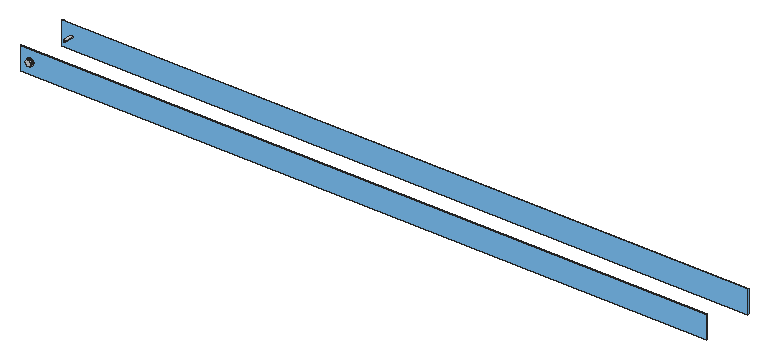
Revit family "Patch", category Generic Models, Revit 2020
Family settings
  Can host rebar = No
  Round Connector Dimension = Use Diameter
  Part Type = Normal
  Cut with Voids When Loaded = No
  Shared = No
  Room Calculation Point = No
Parameters (values of type "Default")
  t1 = 0' - 0.04724"
  d1 = D / 2  # 0' - 0.7874"
  b2 = b1 / 2  # 0' - 0.68945"
  b1 = 0' - 1 97/256"
  Structural Material [instance] = Metal - Light Gauge BLUE
  built-in parameter 1001306 [instance] = 4' - 0"
  Default Elevation = 0' - 0"
  B = 0' - 3.66142"
  D = 0' - 1.5748"
Types (3): name | built-in parameter 1001306
  Default | 4' - 0"
  11 | 5' - 0"
  2 | 5' - 0"
Reference planes (in)
  plane 1 "Center (Front/Back)": y = 0
  plane 2: z = 0
  plane 3 "Left": x = 0
  plane 4 "Right": x = 48
  plane 5: x = 0.68945
  plane 6: x = 2.06836
  plane 7: x = 3.44727
  plane 8: x = 4.82617
  plane 9: x = 6.20508
  plane 10: x = 7.58398
  plane 11: x = 8.96289
  plane 12: x = 10.3418
  plane 13: x = 11.7207
  plane 14: z = -0.7874
Forms (in)
  Sweep 1, solid, material "Metal - Light Gauge BLUE" <- "Structural Material"
    path in 3D
      loop
        line (0, 0, 0) -> (48, 0, 0)
    profile origin (24, 0, 0) x (0, 1, 0) y (0, 0, 1)
      loop
        line (1.83071, -1.5748) -> (1.83071, 0) -> (1.78346, 0) -> (1.78346, -1.5748) -> (1.83071, -1.5748)
      loop
        line (-1.83071, 0) -> (-1.83071, -1.5748) -> (-1.78346, -1.5748) -> (-1.78346, 0) -> (-1.83071, 0)
Lines and regions (in)
  reference lines
    curve 1: line (0, 0, 0) -> (48, 0, 0)
  sketch lines
    curve 2: line (0, 0, 0) -> (48, 0, 0)
Dimensions and locks (in)
  "built-in parameter 1001306": plane 3 "Left" to plane 4 "Right"
  equal spacing: Sweep 1 sketch curve, plane 1 "Center (Front/Back)", Sweep 1 sketch curve
  "B": Sweep 1 sketch curve to Sweep 1 sketch curve
  "t1": Sweep 1 sketch curve to Sweep 1 sketch curve  (x2)
  "D": Sweep 1 sketch curve to Sweep 1 sketch curve
  "D": level to Sweep 1 sketch curve
  "d1": plane 2 to plane 14
  "b1": plane 6 to plane 5
  equal spacing: plane 13, plane 12, plane 11, plane 10, plane 9, plane 8, plane 7, plane 6, plane 5
  "b2": plane 5 to plane 3 "Left"
  aligned and locked: plane 4 "Right" to curve 1
  aligned and locked: plane 1 "Center (Front/Back)" to curve 1
  aligned and locked: plane 3 "Left" to curve 1
  aligned and locked: level to plane 2
  aligned and locked: profile plane to Sweep 1 sketch curve  (x2)
  aligned and locked: nested 1 to Sweep 1
  aligned and locked: Sweep 1 to nested 2
  aligned and locked: plane 5 to nested 2
  aligned and locked: nested 1 to plane 5
  aligned and locked: plane 14 to nested 1
  aligned and locked: plane 14 to nested 2
Nested families (in)
  nested 1: "螺栓_零件" at (0.68945, -1.83071, -0.7874) x (-1, 0, 0) z (0, 0, 1), type "螺栓_零件"
  nested 2: "螺栓_零件" at (0.68945, 1.83071, -0.7874) x (-1, 0, 0) z (0, 0, 1), type "螺栓_零件"
Definition of nested family "螺栓_零件"
  Parameters (values of type "螺栓_零件")
    Default Elevation = 4' - 0"
    项目名称 = ""
    设计师 = ""
    联系方式 = ""
    结构材质 = none
    监理单位 = ""
    生产日期 = ""
    生产厂家 = ""
    施工安装（质量模型） = ""
    施工安装（工艺模型） = ""
    施工安装动画链接 = ""
    施工变更 = ""
    施工单位 = ""
    技术负责人 = ""
    安装位置 = ""
    固定间距 = 0' - 1.41732"
    参考标准 = ""
    厂家网站地址 = ""
    保修期 = ""
    价格 = ""
    产品特征联系人 = ""
    产品特征 = ""
    产品名称 = ""
    产品合格证 = ""
    产品使用寿命 = ""
    业主 = ""
    t = 0' - 0.15748"
  Types (2): name | 固定间距 | t
    螺栓_零件 | 0' - 1.41732" | 0' - 0.15748"
    螺栓_零件 2 | 0' - 1.22047" | 0' - 0.23622"
  Reference planes (in)
    plane 1 "中心(前/后)": y = 0
    plane 2: z = 0
    plane 3 "中心(左/右)": x = 0
  Forms (in)
    Extrusion 1, solid
      sketch origin (1.11637, -1.20605, -1.96849) x (1, 0, 0) y (0, 0, 1)
        loop
          circle (-1.11637, 1.96849) r 0.07874
      from -0.54602 to -1.20605
    Extrusion 2, solid
      sketch origin (1.11636, 1.19554, -1.96849) x (1, 0, 0) y (0, 0, 1)
        loop
          circle (-1.11637, 1.96849) r 0.23622
      from 1.19554 to 1.1311
    Extrusion 3, solid
      sketch origin (1.11637, 1.62465, -1.96849) x (1, 0, 0) y (0, 0, 1)
        loop
          line (-0.91952, 1.96849) -> (-1.01794, 2.13896) -> (-1.21479, 2.13896) -> (-1.31322, 1.96849) -> (-1.21479, 1.79801) -> (-1.01794, 1.79801) -> (-0.91952, 1.96849)
      from 1.4278 to 1.56021
  Dimensions and locks (in)
    aligned and locked: level to plane 2
